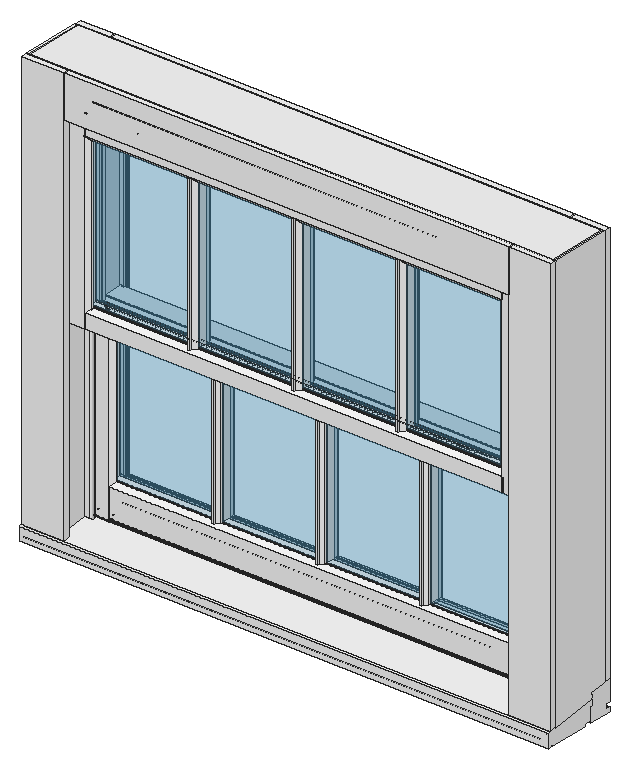
Revit family "B1-44V", category Generic Models, Revit 2012 (continued)
Automatic sketch dimensions
  Extrusion 30 sketch curve to plane 16 = 14.312 mm
  Extrusion 30 sketch curve to Extrusion 30 sketch curve = 0.432 mm
  Extrusion 30 sketch curve to plane 16 = 13.107 mm
  Extrusion 30 sketch curve to Extrusion 30 sketch curve = 0.799 mm
  plane 14 to Extrusion 30 sketch curve = 17.022 mm
  Extrusion 30 sketch curve to Extrusion 30 sketch curve = 0.784 mm
  Extrusion 30 sketch curve to Extrusion 30 sketch curve = 0.893 mm
  plane 14 to Extrusion 30 sketch curve = 9.784 mm
  Extrusion 30 sketch curve to Extrusion 30 sketch curve = 3.071 mm
  Extrusion 30 sketch curve to plane 16 = 14.76 mm
  Extrusion 30 sketch curve to Extrusion 30 sketch curve = 2.464 mm
  Extrusion 30 sketch curve to plane 16 = 13.966 mm
  Extrusion 30 sketch curve to Extrusion 30 sketch curve = 0.602 mm  (x2)
  Extrusion 30 sketch curve to Extrusion 30 sketch curve = 2.962 mm
  plane 14 to Extrusion 30 sketch curve = 14.106 mm
  Extrusion 30 sketch curve to Extrusion 30 sketch curve = 0.109 mm
  plane 14 to Extrusion 30 sketch curve = 12.547 mm
  Extrusion 30 sketch curve to Extrusion 30 sketch curve = 0.606 mm
  Extrusion 30 sketch curve to Extrusion 30 sketch curve = 1.622 mm
  Extrusion 30 sketch curve to Extrusion 30 sketch curve = 0.373 mm
  Extrusion 30 sketch curve to Extrusion 30 sketch curve = 2.848 mm
  plane 14 to Extrusion 30 sketch curve = 12.039 mm
  Extrusion 30 sketch curve to Extrusion 30 sketch curve = 0.798 mm
  plane 14 to Extrusion 30 sketch curve = 16.068 mm
  Extrusion 30 sketch curve to Extrusion 30 sketch curve = 0.078 mm
  Extrusion 30 sketch curve to Extrusion 30 sketch curve = 0.64 mm
  Extrusion 30 sketch curve to Extrusion 30 sketch curve = 0.645 mm
  Extrusion 30 sketch curve to Extrusion 30 sketch curve = 0.026 mm
  Extrusion 30 sketch curve to Extrusion 30 sketch curve = 0.86 mm
  Extrusion 31 sketch curve to plane 16 = 14.53 mm
  plane 7 to Extrusion 31 sketch curve = 70.848 mm
  Extrusion 31 sketch curve to plane 16 = 13.736 mm
  Extrusion 31 sketch curve to Extrusion 31 sketch curve = 0.097 mm  (x2)
  plane 14 to Extrusion 31 sketch curve = 15.804 mm
  Extrusion 31 sketch curve to Extrusion 31 sketch curve = 0.233 mm
  Extrusion 31 sketch curve to Extrusion 31 sketch curve = 0.437 mm
  Extrusion 31 sketch curve to Extrusion 31 sketch curve = 0.059 mm
  Extrusion 31 sketch curve to Extrusion 31 sketch curve = 0.065 mm
  Extrusion 31 sketch curve to plane 16 = 13.729 mm
  Extrusion 31 sketch curve to Extrusion 31 sketch curve = 0.807 mm
  Extrusion 31 sketch curve to plane 16 = 13.065 mm
  Extrusion 31 sketch curve to Extrusion 31 sketch curve = 0.052 mm
  Extrusion 31 sketch curve to Extrusion 31 sketch curve = 0.552 mm
  Extrusion 31 sketch curve to plane 16 = 14.312 mm
  Extrusion 31 sketch curve to Extrusion 31 sketch curve = 0.432 mm
  Extrusion 31 sketch curve to Extrusion 31 sketch curve = 0.07 mm
  Extrusion 31 sketch curve to plane 16 = 13.107 mm
  Extrusion 31 sketch curve to Extrusion 31 sketch curve = 0.799 mm
  Extrusion 31 sketch curve to plane 16 = 14.76 mm
  Extrusion 31 sketch curve to Extrusion 31 sketch curve = 2.464 mm
  Extrusion 31 sketch curve to plane 16 = 13.966 mm
  plane 14 to Extrusion 31 sketch curve = 14.567 mm
  Extrusion 31 sketch curve to Extrusion 31 sketch curve = 5.127 mm
  Extrusion 31 sketch curve to Extrusion 31 sketch curve = 0.03 mm
  Extrusion 31 sketch curve to Extrusion 31 sketch curve = 0.032 mm
  Extrusion 31 sketch curve to Extrusion 31 sketch curve = 0.478 mm
  Extrusion 31 sketch curve to Extrusion 31 sketch curve = 0.013 mm
  Extrusion 31 sketch curve to Extrusion 31 sketch curve = 0.061 mm
  Extrusion 31 sketch curve to Extrusion 31 sketch curve = 0.502 mm
  plane 7 to Extrusion 32 sketch curve = 47.75 mm
  Extrusion 32 sketch curve to Extrusion 32 sketch curve = 16 mm
  plane 16 to Extrusion 32 sketch curve = 59.004 mm
  Extrusion 32 sketch curve to Extrusion 32 sketch curve = 10 mm
  plane 16 to Extrusion 33 sketch curve = 0.679 mm
  plane 7 to Extrusion 33 sketch curve = 29.641 mm
  plane 16 to Extrusion 33 sketch curve = 5.504 mm
  Extrusion 33 sketch curve to Extrusion 33 sketch curve = 0.207 mm
  plane 16 to Extrusion 33 sketch curve = 2.377 mm
  Extrusion 33 sketch curve to Extrusion 33 sketch curve = 0.208 mm
  plane 16 to Extrusion 33 sketch curve = 6.298 mm
  Extrusion 33 sketch curve to Extrusion 33 sketch curve = 0.097 mm  (x2)
  Extrusion 33 sketch curve to Extrusion 33 sketch curve = 0.695 mm
  Extrusion 33 sketch curve to plane 16 = 0.106 mm
  Extrusion 33 sketch curve to Extrusion 33 sketch curve = 0.01 mm
  plane 16 to Extrusion 33 sketch curve = 3.142 mm
  Extrusion 33 sketch curve to Extrusion 33 sketch curve = 0.515 mm
  plane 16 to Extrusion 33 sketch curve = 6.306 mm
  Extrusion 33 sketch curve to Extrusion 33 sketch curve = 0.807 mm
  plane 16 to Extrusion 33 sketch curve = 6.969 mm
  Extrusion 33 sketch curve to Extrusion 33 sketch curve = 0.052 mm
  plane 16 to Extrusion 33 sketch curve = 3.059 mm
  Extrusion 33 sketch curve to Extrusion 33 sketch curve = 0.494 mm
  plane 16 to Extrusion 33 sketch curve = 5.722 mm
  Extrusion 33 sketch curve to Extrusion 33 sketch curve = 0.432 mm
  plane 16 to Extrusion 33 sketch curve = 6.927 mm
  Extrusion 33 sketch curve to Extrusion 33 sketch curve = 0.799 mm
  plane 16 to Extrusion 33 sketch curve = 2.056 mm
  Extrusion 33 sketch curve to Extrusion 33 sketch curve = 0.784 mm
  Extrusion 33 sketch curve to Extrusion 33 sketch curve = 0.893 mm
  Extrusion 33 sketch curve to plane 16 = 5.182 mm
  Extrusion 33 sketch curve to Extrusion 33 sketch curve = 3.071 mm
  plane 16 to Extrusion 33 sketch curve = 5.274 mm
  Extrusion 33 sketch curve to Extrusion 33 sketch curve = 2.464 mm
  plane 16 to Extrusion 33 sketch curve = 6.068 mm
  Extrusion 33 sketch curve to Extrusion 33 sketch curve = 0.602 mm  (x2)
  Extrusion 33 sketch curve to plane 16 = 1.754 mm
  Extrusion 33 sketch curve to Extrusion 33 sketch curve = 2.962 mm
  Extrusion 33 sketch curve to plane 16 = 0.86 mm
  Extrusion 33 sketch curve to Extrusion 33 sketch curve = 0.109 mm
  Extrusion 33 sketch curve to plane 16 = 2.419 mm
  Extrusion 33 sketch curve to Extrusion 33 sketch curve = 1.622 mm
  Extrusion 33 sketch curve to Extrusion 33 sketch curve = 0.373 mm
  plane 16 to Extrusion 33 sketch curve = 0.456 mm
  Extrusion 33 sketch curve to Extrusion 33 sketch curve = 2.848 mm
  Extrusion 33 sketch curve to plane 16 = 2.927 mm
  Extrusion 33 sketch curve to Extrusion 33 sketch curve = 0.798 mm
  plane 16 to Extrusion 33 sketch curve = 1.102 mm
  Extrusion 33 sketch curve to Extrusion 33 sketch curve = 0.078 mm
  plane 16 to Extrusion 33 sketch curve = 0.345 mm
  Extrusion 33 sketch curve to Extrusion 33 sketch curve = 0.026 mm
  Extrusion 33 sketch curve to Extrusion 33 sketch curve = 0.86 mm
  plane 16 to Extrusion 34 sketch curve = 0.691 mm
  plane 7 to Extrusion 34 sketch curve = 29.542 mm
  plane 16 to Extrusion 34 sketch curve = 2.389 mm
  Extrusion 34 sketch curve to Extrusion 34 sketch curve = 0.208 mm
  plane 16 to Extrusion 34 sketch curve = 5.504 mm
  Extrusion 34 sketch curve to Extrusion 34 sketch curve = 0.098 mm
  plane 16 to Extrusion 34 sketch curve = 6.298 mm
  Extrusion 34 sketch curve to Extrusion 34 sketch curve = 0.097 mm  (x4)
  Extrusion 34 sketch curve to plane 16 = 0.2 mm
  Extrusion 34 sketch curve to Extrusion 34 sketch curve = 0.697 mm  (x2)
  plane 16 to Extrusion 34 sketch curve = 3.181 mm
  Extrusion 34 sketch curve to Extrusion 34 sketch curve = 0.518 mm
  plane 16 to Extrusion 34 sketch curve = 0.594 mm
  plane 16 to Extrusion 34 sketch curve = 6.205 mm
  Extrusion 34 sketch curve to Extrusion 34 sketch curve = 0.694 mm
  plane 16 to Extrusion 34 sketch curve = 6.969 mm
  Extrusion 34 sketch curve to Extrusion 34 sketch curve = 0.165 mm
  plane 16 to Extrusion 34 sketch curve = 3.047 mm
  Extrusion 34 sketch curve to Extrusion 34 sketch curve = 0.689 mm
  plane 16 to Extrusion 34 sketch curve = 5.704 mm
  Extrusion 34 sketch curve to Extrusion 34 sketch curve = 0.644 mm
  plane 16 to Extrusion 34 sketch curve = 6.927 mm
  Extrusion 34 sketch curve to Extrusion 34 sketch curve = 0.799 mm
  Extrusion 34 sketch curve to Extrusion 34 sketch curve = 0.794 mm
  Extrusion 34 sketch curve to plane 16 = 5.101 mm
  Extrusion 34 sketch curve to Extrusion 34 sketch curve = 3.119 mm
  plane 16 to Extrusion 34 sketch curve = 5.274 mm
  Extrusion 34 sketch curve to Extrusion 34 sketch curve = 2.365 mm
  plane 16 to Extrusion 34 sketch curve = 6.068 mm
  Extrusion 34 sketch curve to Extrusion 34 sketch curve = 0.661 mm  (x2)
  Extrusion 34 sketch curve to plane 16 = 1.754 mm
  Extrusion 34 sketch curve to Extrusion 34 sketch curve = 3.021 mm
  Extrusion 34 sketch curve to plane 16 = 0.959 mm
  Extrusion 34 sketch curve to Extrusion 34 sketch curve = 0.541 mm
  Extrusion 34 sketch curve to Extrusion 34 sketch curve = 1.585 mm
  Extrusion 34 sketch curve to plane 16 = 3.616 mm
  Extrusion 34 sketch curve to Extrusion 34 sketch curve = 0.629 mm
  plane 16 to Extrusion 34 sketch curve = 0.456 mm
  Extrusion 34 sketch curve to Extrusion 34 sketch curve = 2.86 mm
  Extrusion 34 sketch curve to Extrusion 34 sketch curve = 0.091 mm
  Extrusion 34 sketch curve to Extrusion 34 sketch curve = 0.411 mm
  plane 16 to Extrusion 34 sketch curve = 0.327 mm
  Extrusion 34 sketch curve to Extrusion 34 sketch curve = 0.739 mm
  Extrusion 34 sketch curve to Extrusion 34 sketch curve = 0.909 mm
  Extrusion 34 sketch curve to Extrusion 34 sketch curve = 0.941 mm
  plane 16 to Extrusion 35 sketch curve = 5.504 mm
  plane 7 to Extrusion 35 sketch curve = 29.848 mm
  plane 16 to Extrusion 35 sketch curve = 6.298 mm
  Extrusion 35 sketch curve to Extrusion 35 sketch curve = 0.097 mm  (x2)
  plane 16 to Extrusion 35 sketch curve = 0.839 mm
  Extrusion 35 sketch curve to Extrusion 35 sketch curve = 0.233 mm
  plane 16 to Extrusion 35 sketch curve = 0.281 mm
  Extrusion 35 sketch curve to Extrusion 35 sketch curve = 0.437 mm
  Extrusion 35 sketch curve to Extrusion 35 sketch curve = 0.059 mm
  Extrusion 35 sketch curve to Extrusion 35 sketch curve = 0.065 mm
  plane 16 to Extrusion 35 sketch curve = 6.306 mm
  Extrusion 35 sketch curve to Extrusion 35 sketch curve = 0.807 mm
  plane 16 to Extrusion 35 sketch curve = 6.969 mm
  Extrusion 35 sketch curve to Extrusion 35 sketch curve = 0.052 mm
  Extrusion 35 sketch curve to Extrusion 35 sketch curve = 0.552 mm
  plane 16 to Extrusion 35 sketch curve = 5.722 mm
  Extrusion 35 sketch curve to Extrusion 35 sketch curve = 0.432 mm
  Extrusion 35 sketch curve to Extrusion 35 sketch curve = 0.07 mm
  plane 16 to Extrusion 35 sketch curve = 6.927 mm
  Extrusion 35 sketch curve to Extrusion 35 sketch curve = 0.799 mm
  plane 16 to Extrusion 35 sketch curve = 5.274 mm
  Extrusion 35 sketch curve to Extrusion 35 sketch curve = 2.464 mm
  plane 16 to Extrusion 35 sketch curve = 6.068 mm
  Extrusion 35 sketch curve to plane 16 = 0.399 mm
  Extrusion 35 sketch curve to Extrusion 35 sketch curve = 5.127 mm
  Extrusion 35 sketch curve to Extrusion 35 sketch curve = 0.03 mm
  plane 16 to Extrusion 35 sketch curve = 0.103 mm
  Extrusion 35 sketch curve to Extrusion 35 sketch curve = 0.032 mm
  Extrusion 35 sketch curve to Extrusion 35 sketch curve = 0.539 mm
  Extrusion 35 sketch curve to Extrusion 35 sketch curve = 0.526 mm
  plane 7 to Extrusion 36 sketch curve = 39.75 mm
  Extrusion 36 sketch curve to Extrusion 36 sketch curve = 1 mm
  Extrusion 36 sketch curve to Extrusion 36 sketch curve = 3 mm  (x2)
  Extrusion 36 sketch curve to Extrusion 36 sketch curve = 24 mm
  Extrusion 36 sketch curve to Extrusion 36 sketch curve = 2 mm
  plane 16 to Extrusion 36 sketch curve = 61.495 mm
  Extrusion 36 sketch curve to Extrusion 36 sketch curve = 0.246 mm  (x3)
  Extrusion 36 sketch curve to Extrusion 36 sketch curve = 0.491 mm
  Extrusion 36 sketch curve to Extrusion 36 sketch curve = 4 mm
  plane 5 to Extrusion 37 sketch curve = 7.079 mm
  plane 5 to Extrusion 37 sketch curve = 8.579 mm  (x2)
  plane 5 to Extrusion 37 sketch curve = 31.079 mm  (x2)
  Extrusion 37 sketch curve to Extrusion 37 sketch curve = 22.5 mm  (x4)
  Extrusion 37 sketch curve to plane 1 "Center (Front/Back)" = 7.75 mm
  Extrusion 37 sketch curve to Extrusion 37 sketch curve = 1.5 mm
  Extrusion 37 sketch curve to Extrusion 37 sketch curve = 20 mm
  Extrusion 37 sketch curve to Extrusion 37 sketch curve = 7 mm
  plane 27 to Extrusion 37 sketch curve = 4 mm
  Extrusion 37 sketch curve to plane 1 "Center (Front/Back)" = 30.25 mm
  Extrusion 37 sketch curve to Extrusion 37 sketch curve = 9 mm
  Extrusion 37 sketch curve to Extrusion 37 sketch curve = 11.5 mm  (x2)
  Extrusion 37 sketch curve to Extrusion 37 sketch curve = 4 mm
  Extrusion 37 sketch curve to Extrusion 37 sketch curve = 3 mm
  plane 7 to Extrusion 37 sketch curve = 29 mm
  plane 27 to Extrusion 39 sketch curve = 14 mm
  Extrusion 39 sketch curve to Extrusion 39 sketch curve = 0 mm  (x2)
  Extrusion 39 sketch curve to Extrusion 39 sketch curve = 3 mm  (x3)
  Extrusion 39 sketch curve to Extrusion 39 sketch curve = 6 mm  (x2)
  Extrusion 39 sketch curve to plane 8 = 4.922 mm
  plane 8 to Extrusion 39 sketch curve = 1.078 mm
  plane 8 to Extrusion 39 sketch curve = 11.078 mm
  Extrusion 39 sketch curve to plane 1 "Center (Front/Back)" = 71.5 mm
  Extrusion 39 sketch curve to Extrusion 39 sketch curve = 5 mm
  Extrusion 39 sketch curve to Extrusion 39 sketch curve = 10 mm
  Extrusion 39 sketch curve to Extrusion 39 sketch curve = 12 mm  (x2)
  Extrusion 39 sketch curve to Extrusion 39 sketch curve = 13 mm
  Extrusion 39 sketch curve to Extrusion 39 sketch curve = 21 mm
  Extrusion 40 sketch curve to plane 8 = 4.922 mm
  plane 8 to Extrusion 40 sketch curve = 0.078 mm
  plane 8 to Extrusion 40 sketch curve = 7.078 mm
  Extrusion 40 sketch curve to Extrusion 40 sketch curve = 1 mm  (x2)
  Extrusion 40 sketch curve to Extrusion 40 sketch curve = 3 mm  (x3)
  plane 7 to Extrusion 40 sketch curve = 43.25 mm
  Extrusion 40 sketch curve to Extrusion 40 sketch curve = 4 mm
  plane 27 to Extrusion 43 sketch curve = 14 mm  (x2)
  Extrusion 43 sketch curve to Extrusion 43 sketch curve = 0 mm
  plane 1 "Center (Front/Back)" to Extrusion 43 sketch curve = 0 mm
  Extrusion 43 sketch curve to Extrusion 43 sketch curve = 3 mm  (x4)
  Extrusion 43 sketch curve to Extrusion 43 sketch curve = 6 mm
  Extrusion 43 sketch curve to plane 8 = 4.921 mm
  plane 8 to Extrusion 43 sketch curve = 1.079 mm
  plane 8 to Extrusion 43 sketch curve = 11.079 mm
  Extrusion 43 sketch curve to plane 1 "Center (Front/Back)" = 10 mm
  Extrusion 43 sketch curve to Extrusion 43 sketch curve = 2 mm
  Extrusion 43 sketch curve to Extrusion 43 sketch curve = 21 mm
  Extrusion 43 sketch curve to Extrusion 43 sketch curve = 12 mm
  Extrusion 43 sketch curve to Extrusion 43 sketch curve = 13 mm
  Extrusion 43 sketch curve to Extrusion 43 sketch curve = 5 mm
  Extrusion 44 sketch curve to plane 8 = 4.921 mm
  plane 8 to Extrusion 44 sketch curve = 0.079 mm
  plane 8 to Extrusion 44 sketch curve = 7.079 mm
  Extrusion 44 sketch curve to Extrusion 44 sketch curve = 1 mm  (x2)
  Extrusion 44 sketch curve to Extrusion 44 sketch curve = 3 mm  (x3)
  Extrusion 44 sketch curve to plane 1 "Center (Front/Back)" = 38 mm
  Extrusion 44 sketch curve to Extrusion 44 sketch curve = 4 mm
  plane 27 to Extrusion 45 sketch curve = 20.088 mm
  Extrusion 45 sketch curve to Extrusion 45 sketch curve = 0.361 mm  (x2)
  Extrusion 45 sketch curve to Extrusion 45 sketch curve = 0.331 mm  (x2)
  Extrusion 45 sketch curve to Extrusion 45 sketch curve = 0.529 mm
  Extrusion 45 sketch curve to Extrusion 45 sketch curve = 3.012 mm
  Extrusion 45 sketch curve to Extrusion 45 sketch curve = 0.359 mm
  Extrusion 45 sketch curve to Extrusion 45 sketch curve = 0.129 mm  (x2)
  Extrusion 45 sketch curve to Extrusion 45 sketch curve = 0.752 mm
  Extrusion 45 sketch curve to Extrusion 45 sketch curve = 0.163 mm
  Extrusion 45 sketch curve to Extrusion 45 sketch curve = 4.348 mm
  Extrusion 45 sketch curve to Extrusion 45 sketch curve = 0.097 mm
  Extrusion 45 sketch curve to Extrusion 45 sketch curve = 0.227 mm
  Extrusion 45 sketch curve to Extrusion 45 sketch curve = 0.367 mm
  Extrusion 45 sketch curve to Extrusion 45 sketch curve = 0.604 mm
  Extrusion 45 sketch curve to Extrusion 45 sketch curve = 0.911 mm
  Extrusion 45 sketch curve to Extrusion 45 sketch curve = 0.79 mm  (x2)
  Extrusion 45 sketch curve to Extrusion 45 sketch curve = 1.387 mm
  Extrusion 45 sketch curve to Extrusion 45 sketch curve = 0.62 mm
  Extrusion 45 sketch curve to Extrusion 45 sketch curve = 0.185 mm
  Extrusion 45 sketch curve to Extrusion 45 sketch curve = 0.733 mm
  plane 7 to Extrusion 45 sketch curve = 73.654 mm
  Extrusion 45 sketch curve to Extrusion 45 sketch curve = 0.066 mm
  Extrusion 45 sketch curve to Extrusion 45 sketch curve = 1.649 mm
  Extrusion 45 sketch curve to Extrusion 45 sketch curve = 0.306 mm
  Extrusion 45 sketch curve to Extrusion 45 sketch curve = 2.482 mm
  Extrusion 45 sketch curve to Extrusion 45 sketch curve = 0.865 mm
  Extrusion 45 sketch curve to Extrusion 45 sketch curve = 0.036 mm
  Extrusion 45 sketch curve to Extrusion 45 sketch curve = 0.077 mm
  Extrusion 45 sketch curve to Extrusion 45 sketch curve = 1.035 mm
  Extrusion 45 sketch curve to Extrusion 45 sketch curve = 0.774 mm
  Extrusion 45 sketch curve to Extrusion 45 sketch curve = 0.368 mm
  Extrusion 45 sketch curve to Extrusion 45 sketch curve = 0.557 mm
  Extrusion 45 sketch curve to Extrusion 45 sketch curve = 0.18 mm
  Extrusion 45 sketch curve to Extrusion 45 sketch curve = 0.155 mm
  Extrusion 45 sketch curve to Extrusion 45 sketch curve = 0.228 mm
  plane 27 to Extrusion 50 sketch curve = 13.018 mm
  Extrusion 50 sketch curve to Extrusion 50 sketch curve = 5.328 mm
  plane 7 to Extrusion 50 sketch curve = 18.277 mm
  Extrusion 50 sketch curve to Extrusion 50 sketch curve = 1.303 mm
  plane 27 to Extrusion 51 sketch curve = 13.054 mm
  Extrusion 51 sketch curve to Extrusion 51 sketch curve = 2.083 mm
  Extrusion 51 sketch curve to Extrusion 51 sketch curve = 1.235 mm
  Extrusion 51 sketch curve to Extrusion 51 sketch curve = 2.363 mm
  plane 7 to Extrusion 51 sketch curve = 22.939 mm
  Extrusion 51 sketch curve to Extrusion 51 sketch curve = 4.662 mm
  Extrusion 55 sketch curve to plane 4 = 0 mm
  Extrusion 55 sketch curve to plane 6 = 0 mm
  Extrusion 55 sketch curve to plane 12 = 0 mm
  Extrusion 55 sketch curve to plane 15 = 0 mm  (x2)
  plane 1 "Center (Front/Back)" to Extrusion 55 sketch curve = 8.25 mm
  Extrusion 55 sketch curve to Extrusion 55 sketch curve = 1.712 mm
  Extrusion 55 sketch curve to Extrusion 55 sketch curve = 0 mm  (x8)
  plane 1 "Center (Front/Back)" to Extrusion 55 sketch curve = 6.25 mm  (x2)
  Extrusion 55 sketch curve to Extrusion 55 sketch curve = 0.836 mm
  Extrusion 55 sketch curve to Extrusion 55 sketch curve = 0.634 mm
  Extrusion 55 sketch curve to Extrusion 55 sketch curve = 0.996 mm  (x6)
  Extrusion 55 sketch curve to Extrusion 55 sketch curve = 0.819 mm
  Extrusion 55 sketch curve to Extrusion 55 sketch curve = 0.456 mm
  plane 1 "Center (Front/Back)" to Extrusion 55 sketch curve = 1.25 mm  (x3)
  plane 15 to Extrusion 55 sketch curve = 7 mm
  Extrusion 55 sketch curve to plane 1 "Center (Front/Back)" = 61.75 mm
  Extrusion 55 sketch curve to Extrusion 55 sketch curve = 4 mm
  plane 12 to Extrusion 55 sketch curve = 4 mm
  plane 12 to Extrusion 55 sketch curve = 5 mm
  Extrusion 55 sketch curve to Extrusion 55 sketch curve = 2.25 mm
  Extrusion 55 sketch curve to Extrusion 55 sketch curve = 0.254 mm
  Extrusion 55 sketch curve to Extrusion 55 sketch curve = 0.508 mm  (x3)
  Extrusion 55 sketch curve to plane 13 = 2 mm
  plane 15 to Extrusion 55 sketch curve = 9 mm
  Extrusion 55 sketch curve to Extrusion 55 sketch curve = 8 mm
  Extrusion 55 sketch curve to plane 4 = 6 mm
  plane 7 to Extrusion 56 sketch curve = 0 mm
  plane 5 to Extrusion 56 sketch curve = 0.079 mm
  plane 27 to Extrusion 56 sketch curve = 18 mm
  plane 7 to Extrusion 56 sketch curve = 15 mm
  Extrusion 58 sketch curve to plane 4 = 0 mm
  Extrusion 58 sketch curve to plane 16 = 0 mm
  plane 1 "Center (Front/Back)" to Extrusion 58 sketch curve = 6.25 mm
  Extrusion 58 sketch curve to plane 16 = 4.175 mm
  plane 7 to Extrusion 58 sketch curve = 54.25 mm
  plane 7 to Extrusion 58 sketch curve = 20.25 mm
  plane 7 to Extrusion 58 sketch curve = 15 mm
  Extrusion 58 sketch curve to Extrusion 58 sketch curve = 4.913 mm  (x2)
  Extrusion 58 sketch curve to Extrusion 58 sketch curve = 3 mm
  plane 14 to Extrusion 58 sketch curve = 2.138 mm
  Extrusion 59 sketch curve to plane 4 = 0 mm
  plane 1 "Center (Front/Back)" to Extrusion 59 sketch curve = 6.25 mm
  Extrusion 59 sketch curve to plane 4 = 6 mm
  plane 7 to Extrusion 59 sketch curve = 15 mm
  Extrusion 61 sketch curve to plane 15 = 0 mm
  Extrusion 61 sketch curve to plane 4 = 0 mm
  Extrusion 61 sketch curve to plane 7 = 0 mm
  plane 7 to Extrusion 61 sketch curve = 15 mm  (x2)
  Extrusion 61 sketch curve to Extrusion 61 sketch curve = 5 mm  (x2)
  plane 15 to Extrusion 61 sketch curve = 9 mm
  Extrusion 61 sketch curve to Extrusion 61 sketch curve = 8 mm
  Extrusion 61 sketch curve to plane 4 = 6 mm
  plane 7 to Extrusion 62 sketch curve = 20 mm
  plane 27 to Extrusion 62 sketch curve = 44 mm
  Extrusion 62 sketch curve to Extrusion 62 sketch curve = 9 mm  (x3)
  plane 1 "Center (Front/Back)" to Extrusion 62 sketch curve = 1.25 mm  (x2)
  Extrusion 62 sketch curve to Extrusion 62 sketch curve = 8 mm  (x2)
  plane 1 "Center (Front/Back)" to Extrusion 62 sketch curve = 6.25 mm
  Extrusion 62 sketch curve to Extrusion 62 sketch curve = 0 mm
  Extrusion 62 sketch curve to Extrusion 62 sketch curve = 5 mm
  Extrusion 63 sketch curve to plane 8 = 4.922 mm
  plane 8 to Extrusion 63 sketch curve = 0.078 mm
  plane 8 to Extrusion 63 sketch curve = 7.078 mm
  Extrusion 63 sketch curve to Extrusion 63 sketch curve = 1 mm  (x2)
  Extrusion 63 sketch curve to Extrusion 63 sketch curve = 3 mm  (x3)
  plane 7 to Extrusion 63 sketch curve = 43.25 mm
  Extrusion 63 sketch curve to Extrusion 63 sketch curve = 4 mm
  plane 27 to Extrusion 64 sketch curve = 14 mm  (x2)
  Extrusion 64 sketch curve to Extrusion 64 sketch curve = 0 mm
  Extrusion 64 sketch curve to Extrusion 64 sketch curve = 3 mm  (x3)
  Extrusion 64 sketch curve to Extrusion 64 sketch curve = 6 mm  (x2)
  Extrusion 64 sketch curve to plane 8 = 4.922 mm
  Extrusion 64 sketch curve to plane 1 "Center (Front/Back)" = 71.5 mm
  Extrusion 64 sketch curve to Extrusion 64 sketch curve = 5 mm
  Extrusion 64 sketch curve to Extrusion 64 sketch curve = 13 mm
  Extrusion 64 sketch curve to Extrusion 64 sketch curve = 12 mm
  Extrusion 64 sketch curve to Extrusion 64 sketch curve = 21 mm
  plane 18 to Extrusion 68 sketch curve = 10.028 mm
  Extrusion 68 sketch curve to plane 18 = 9.972 mm
  plane 7 to Extrusion 68 sketch curve = 63.75 mm
  Extrusion 68 sketch curve to Extrusion 68 sketch curve = 16 mm
  Extrusion 72 sketch curve to plane 19 = 9.949 mm
  plane 19 to Extrusion 72 sketch curve = 10.051 mm
  plane 7 to Extrusion 72 sketch curve = 63.75 mm
  Extrusion 72 sketch curve to Extrusion 72 sketch curve = 16 mm
  plane 17 to Extrusion 73 sketch curve = 7 mm
  plane 17 to Extrusion 73 sketch curve = 8.5 mm  (x2)
  plane 17 to Extrusion 73 sketch curve = 31 mm  (x2)
  Extrusion 73 sketch curve to Extrusion 73 sketch curve = 22.5 mm  (x4)
  Extrusion 73 sketch curve to plane 1 "Center (Front/Back)" = 7.75 mm
  Extrusion 73 sketch curve to Extrusion 73 sketch curve = 1.5 mm
  Extrusion 73 sketch curve to Extrusion 73 sketch curve = 20 mm
  Extrusion 73 sketch curve to Extrusion 73 sketch curve = 7 mm
  Extrusion 73 sketch curve to plane 28 = 4 mm
  Extrusion 73 sketch curve to plane 1 "Center (Front/Back)" = 30.25 mm
  Extrusion 73 sketch curve to Extrusion 73 sketch curve = 9 mm
  Extrusion 73 sketch curve to Extrusion 73 sketch curve = 11.5 mm  (x2)
  Extrusion 73 sketch curve to Extrusion 73 sketch curve = 4 mm
  Extrusion 73 sketch curve to Extrusion 73 sketch curve = 3 mm
  plane 7 to Extrusion 73 sketch curve = 29 mm
  plane 17 to Extrusion 74 sketch curve = 33.984 mm  (x2)
  Extrusion 74 sketch curve to plane 28 = 21.016 mm  (x2)
  Extrusion 74 sketch curve to Extrusion 74 sketch curve = 0 mm  (x2)
  Extrusion 74 sketch curve to Extrusion 74 sketch curve = 3 mm  (x2)
  plane 7 to Extrusion 74 sketch curve = 37.812 mm
  Extrusion 74 sketch curve to Extrusion 74 sketch curve = 6.5 mm  (x3)
  Extrusion 74 sketch curve to Extrusion 74 sketch curve = 16 mm  (x2)
  Extrusion 74 sketch curve to Extrusion 74 sketch curve = 42 mm
  Extrusion 74 sketch curve to plane 1 "Center (Front/Back)" = 37.437 mm
  Extrusion 75 sketch curve to plane 28 = 14 mm
  Extrusion 75 sketch curve to Extrusion 75 sketch curve = 0 mm  (x2)
  Extrusion 75 sketch curve to Extrusion 75 sketch curve = 3 mm  (x3)
  Extrusion 75 sketch curve to Extrusion 75 sketch curve = 6 mm  (x2)
  Extrusion 75 sketch curve to plane 29 = 5 mm
  plane 29 to Extrusion 75 sketch curve = 1 mm
  plane 29 to Extrusion 75 sketch curve = 11 mm
  plane 7 to Extrusion 75 sketch curve = 21.25 mm
  Extrusion 75 sketch curve to Extrusion 75 sketch curve = 21 mm
  Extrusion 75 sketch curve to Extrusion 75 sketch curve = 12 mm  (x2)
  Extrusion 75 sketch curve to Extrusion 75 sketch curve = 13 mm
  Extrusion 75 sketch curve to Extrusion 75 sketch curve = 2 mm
  Extrusion 75 sketch curve to Extrusion 75 sketch curve = 5 mm
  Extrusion 76 sketch curve to plane 29 = 5 mm
  Extrusion 76 sketch curve to plane 29 = 0 mm
  plane 29 to Extrusion 76 sketch curve = 7 mm
  Extrusion 76 sketch curve to Extrusion 76 sketch curve = 1 mm  (x2)
  Extrusion 76 sketch curve to Extrusion 76 sketch curve = 3 mm  (x2)
  plane 7 to Extrusion 76 sketch curve = 24.25 mm
  Extrusion 76 sketch curve to Extrusion 76 sketch curve = 4 mm
  Extrusion 76 sketch curve to Extrusion 76 sketch curve = 8 mm
  Extrusion 79 sketch curve to plane 28 = 20.088 mm
  Extrusion 79 sketch curve to Extrusion 79 sketch curve = 0.361 mm
  Extrusion 79 sketch curve to Extrusion 79 sketch curve = 0.331 mm  (x3)
  Extrusion 79 sketch curve to Extrusion 79 sketch curve = 0.529 mm
  Extrusion 79 sketch curve to Extrusion 79 sketch curve = 3.012 mm
  Extrusion 79 sketch curve to Extrusion 79 sketch curve = 0.359 mm
  Extrusion 79 sketch curve to Extrusion 79 sketch curve = 0.129 mm  (x2)
  Extrusion 79 sketch curve to Extrusion 79 sketch curve = 0.752 mm
  Extrusion 79 sketch curve to Extrusion 79 sketch curve = 0.163 mm
  Extrusion 79 sketch curve to Extrusion 79 sketch curve = 0.848 mm
  Extrusion 79 sketch curve to Extrusion 79 sketch curve = 0.097 mm
  Extrusion 79 sketch curve to Extrusion 79 sketch curve = 0.227 mm
  Extrusion 79 sketch curve to Extrusion 79 sketch curve = 0.367 mm
  Extrusion 79 sketch curve to Extrusion 79 sketch curve = 0.604 mm
  Extrusion 79 sketch curve to Extrusion 79 sketch curve = 0.911 mm
  Extrusion 79 sketch curve to Extrusion 79 sketch curve = 0.79 mm  (x2)
  Extrusion 79 sketch curve to Extrusion 79 sketch curve = 1.387 mm
  Extrusion 79 sketch curve to Extrusion 79 sketch curve = 0.62 mm
  Extrusion 79 sketch curve to Extrusion 79 sketch curve = 0.185 mm
  Extrusion 79 sketch curve to Extrusion 79 sketch curve = 0.733 mm
  plane 7 to Extrusion 79 sketch curve = 64.201 mm
  Extrusion 79 sketch curve to Extrusion 79 sketch curve = 0.044 mm
  Extrusion 79 sketch curve to Extrusion 79 sketch curve = 0.155 mm
  Extrusion 79 sketch curve to Extrusion 79 sketch curve = 1.178 mm
  Extrusion 79 sketch curve to Extrusion 79 sketch curve = 0.18 mm
  Extrusion 79 sketch curve to Extrusion 79 sketch curve = 0.545 mm
  Extrusion 79 sketch curve to Extrusion 79 sketch curve = 0.126 mm
  Extrusion 79 sketch curve to Extrusion 79 sketch curve = 3.329 mm
  Extrusion 79 sketch curve to Extrusion 79 sketch curve = 0.782 mm
  Extrusion 79 sketch curve to Extrusion 79 sketch curve = 0.443 mm
  Extrusion 79 sketch curve to Extrusion 79 sketch curve = 0.342 mm
  Extrusion 79 sketch curve to Extrusion 79 sketch curve = 0.534 mm
  Extrusion 79 sketch curve to Extrusion 79 sketch curve = 0.024 mm
  Extrusion 79 sketch curve to Extrusion 79 sketch curve = 1.649 mm
  Extrusion 79 sketch curve to Extrusion 79 sketch curve = 0.066 mm
  Extrusion 81 sketch curve to plane 28 = 13.018 mm
  Extrusion 81 sketch curve to Extrusion 81 sketch curve = 5.328 mm
  plane 7 to Extrusion 81 sketch curve = 16.974 mm
  Extrusion 81 sketch curve to Extrusion 81 sketch curve = 1.303 mm
  Extrusion 82 sketch curve to plane 28 = 13.054 mm
  Extrusion 82 sketch curve to Extrusion 82 sketch curve = 2.083 mm
  Extrusion 82 sketch curve to Extrusion 82 sketch curve = 1.235 mm
  Extrusion 82 sketch curve to Extrusion 82 sketch curve = 2.363 mm
  plane 7 to Extrusion 82 sketch curve = 18.277 mm
  Extrusion 82 sketch curve to Extrusion 82 sketch curve = 4.662 mm
  Extrusion 86 sketch curve to plane 17 = 0 mm
  plane 7 to Extrusion 86 sketch curve = 0 mm
  Extrusion 86 sketch curve to plane 28 = 18 mm
  plane 7 to Extrusion 86 sketch curve = 15 mm
  Extrusion 87 sketch curve to plane 17 = 0 mm
  Extrusion 87 sketch curve to plane 28 = 0 mm
  plane 6 to Extrusion 87 sketch curve = 0 mm
  plane 1 "Center (Front/Back)" to Extrusion 87 sketch curve = 6.25 mm
  Extrusion 88 sketch curve to plane 4 = 0 mm
  Extrusion 88 sketch curve to plane 16 = 0 mm
  plane 1 "Center (Front/Back)" to Extrusion 88 sketch curve = 6.25 mm
  Extrusion 88 sketch curve to plane 16 = 4.175 mm
  plane 7 to Extrusion 88 sketch curve = 54.25 mm
  plane 7 to Extrusion 88 sketch curve = 20.25 mm
  plane 7 to Extrusion 88 sketch curve = 15 mm
  Extrusion 88 sketch curve to Extrusion 88 sketch curve = 4.913 mm  (x2)
  Extrusion 88 sketch curve to Extrusion 88 sketch curve = 3 mm
  plane 14 to Extrusion 88 sketch curve = 2.138 mm
  plane 7 to Extrusion 89 sketch curve = 20 mm
  Extrusion 89 sketch curve to plane 28 = 44 mm
  Extrusion 89 sketch curve to Extrusion 89 sketch curve = 9 mm  (x3)
  plane 1 "Center (Front/Back)" to Extrusion 89 sketch curve = 1.25 mm  (x2)
  Extrusion 89 sketch curve to Extrusion 89 sketch curve = 8 mm  (x2)
  Extrusion 89 sketch curve to Extrusion 89 sketch curve = 5 mm  (x3)
  Extrusion 90 sketch curve to plane 29 = 5 mm
  Extrusion 90 sketch curve to plane 29 = 0 mm
  plane 29 to Extrusion 90 sketch curve = 7 mm
  Extrusion 90 sketch curve to Extrusion 90 sketch curve = 1 mm  (x2)
  Extrusion 90 sketch curve to Extrusion 90 sketch curve = 3 mm  (x2)
  plane 7 to Extrusion 90 sketch curve = 24.25 mm
  Extrusion 90 sketch curve to Extrusion 90 sketch curve = 4 mm
  Extrusion 90 sketch curve to Extrusion 90 sketch curve = 8 mm
  Extrusion 91 sketch curve to plane 28 = 14 mm  (x2)
  Extrusion 91 sketch curve to Extrusion 91 sketch curve = 0 mm
  Extrusion 91 sketch curve to Extrusion 91 sketch curve = 3 mm  (x3)
  Extrusion 91 sketch curve to Extrusion 91 sketch curve = 6 mm  (x2)
  Extrusion 91 sketch curve to plane 29 = 5 mm
  plane 7 to Extrusion 91 sketch curve = 21.25 mm
  Extrusion 91 sketch curve to Extrusion 91 sketch curve = 21 mm
  Extrusion 91 sketch curve to Extrusion 91 sketch curve = 12 mm
  Extrusion 91 sketch curve to Extrusion 91 sketch curve = 13 mm
  Extrusion 91 sketch curve to Extrusion 91 sketch curve = 5 mm
  Extrusion 95 sketch curve to plane 3 "Center (Left/Right)" = 9.949 mm
  plane 3 "Center (Left/Right)" to Extrusion 95 sketch curve = 10.051 mm
  plane 7 to Extrusion 95 sketch curve = 63.75 mm
  Extrusion 95 sketch curve to Extrusion 95 sketch curve = 16 mm
  Extrusion 2 sketch curve to plane 10 = 0 mm  (x2)
  Extrusion 2 sketch curve to plane 11 = 0 mm  (x2)
  Extrusion 2 sketch curve to plane 10 = 4 mm
  Extrusion 2 sketch curve to plane 1 "Center (Front/Back)" = 38 mm
  Extrusion 2 sketch curve to Extrusion 2 sketch curve = 3 mm
  Extrusion 2 sketch curve to Extrusion 2 sketch curve = 1 mm  (x3)
  Extrusion 2 sketch curve to Extrusion 2 sketch curve = 22 mm
  Extrusion 2 sketch curve to Extrusion 2 sketch curve = 18 mm
  Extrusion 2 sketch curve to Extrusion 2 sketch curve = 4 mm  (x2)
  plane 11 to Extrusion 2 sketch curve = 15 mm
  Extrusion 2 sketch curve to Extrusion 2 sketch curve = 5 mm
  Extrusion 2 sketch curve to Extrusion 2 sketch curve = 0.032 mm
  Extrusion 2 sketch curve to Extrusion 2 sketch curve = 0.817 mm
  Extrusion 2 sketch curve to plane 10 = 15 mm
  Extrusion 2 sketch curve to Extrusion 2 sketch curve = 6 mm
  Extrusion 2 sketch curve to Extrusion 2 sketch curve = 0.597 mm  (x2)
  plane 11 to Extrusion 2 sketch curve = 5 mm
  Extrusion 2 sketch curve to Extrusion 2 sketch curve = 7 mm
  Extrusion 2 sketch curve to Extrusion 2 sketch curve = 3.017 mm
  Extrusion 2 sketch curve to Extrusion 2 sketch curve = 0.485 mm
  Extrusion 2 sketch curve to Extrusion 2 sketch curve = 1.127 mm
  Extrusion 2 sketch curve to Extrusion 2 sketch curve = 1.388 mm
  Extrusion 2 sketch curve to Extrusion 2 sketch curve = 2.498 mm
  Extrusion 2 sketch curve to Extrusion 2 sketch curve = 5.002 mm
  Extrusion 2 sketch curve to Extrusion 2 sketch curve = 1.218 mm
  Extrusion 2 sketch curve to Extrusion 2 sketch curve = 12 mm
  Extrusion 2 sketch curve to Extrusion 2 sketch curve = 26.5 mm
  Extrusion 2 sketch curve to Extrusion 2 sketch curve = 2.927 mm
  Extrusion 2 sketch curve to Extrusion 2 sketch curve = 0.678 mm
  Extrusion 2 sketch curve to Extrusion 2 sketch curve = 1.861 mm
  Extrusion 2 sketch curve to Extrusion 2 sketch curve = 1.243 mm
  plane 11 to Extrusion 2 sketch curve = 16 mm
  Extrusion 2 sketch curve to Extrusion 2 sketch curve = 1.155 mm
  Extrusion 2 sketch curve to Extrusion 2 sketch curve = 0.727 mm
  Extrusion 2 sketch curve to Extrusion 2 sketch curve = 0.73 mm
  Extrusion 2 sketch curve to plane 10 = 5 mm
  radius of Extrusion 37 sketch curve = 3.5 mm  (x2)
  radius of Extrusion 73 sketch curve = 3.5 mm  (x2)
Types (3, lengths in mm): name | Height | GlazingPanelMaterial | Floor Material
  Window Sill drawing | 1024 | Glass | White
  Access Manager | 1250 | none | none
  window family | 1024 | Glass | 1.12A ANCHOR FIXING
